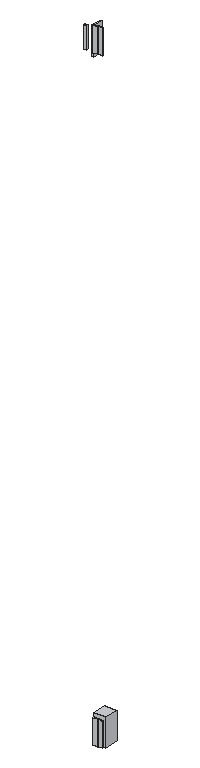
Revit family "МетеорЛифт_Лифт_Пассажирский_МетеорЛифт_EvoNG_LOD100", category Оборудование, Revit 2020 (continued)
Definition of nested family "МетеорЛифт_ДверьШахты_Отсутствует"
  Reference planes
    plane 6: y = 25
    plane 7: y = 130
    plane 8: z = -44
    plane 9: y = -200
  Forms (mm)
    Extrusion 1, solid, not visible
      sketch origin (0, 0, 0) x (0, 1, 0) y (0, 0, 1)
        loop
          line (130, -2) -> (25, -2) -> (25, -44) -> (130, -44) -> (130, -2)
      from -350 to 350
  Dimensions and locks
    equal spacing: plane 4, plane 3 "По центру (Влево/Вправо)", plane 5
    "Ширина дверного проема": plane 4 to plane 5
    locked: plane 2 "По центру (Вверх/Вниз)" to plane 8 at 42
    "tol": plane 1 "По центру (Вперед/Назад)" to plane 6
    locked: plane 6 to plane 7 at 105
    "Толщина стены шахты": plane 9 to plane 1 "По центру (Вперед/Назад)"
    aligned and locked: Extrusion 1 sketch curve to plane 7
    aligned and locked: Extrusion 1 sketch curve to plane 8
    aligned and locked: plane 6 to Extrusion 1 sketch curve
    aligned and locked: plane 2 "По центру (Вверх/Вниз)" to Extrusion 1
    aligned and locked: level to plane 2 "По центру (Вверх/Вниз)"
    aligned and locked: Extrusion 1 to plane 4
    aligned and locked: plane 5 to Extrusion 1
  Automatic sketch dimensions
    level to Extrusion 1 sketch curve = 0 mm
Definition of nested family "МетеорЛифт_ШкафУправления_Отсутствует"
  Parameters (values of type "МетеорЛифт_ШкафУправления_Отсутствует")
    Толщина стены шахты [instance] = 350 mm
    Default Elevation = 0 mm
    Зона обслуживания [instance] = yes
  Reference planes
    plane 1 "Внутренняя стена шахты": y = 0
    plane 2 "Уровень чистого пола": z = 0
    plane 3 "По центру (Влево/Вправо)": x = 0
    plane 4 "Наружняя стена шахты": y = -350
    plane 5 "Фасад шкафа": y = -504.5
    plane 6: y = -505
    plane 7: y = -1255
    plane 8 "Левая стена шкафа": x = -125
    plane 9 "Правая стена шкафа": x = 125
    plane 10: x = -150
    plane 11: x = 350
    plane 12 "Низ шкафа": z = 250
    plane 13 "Верх шкафа": z = 2000
    plane 14: y = -484
  Forms (mm)
    Extrusion 1, solid, not visible
      sketch origin (0, -350, 0) x (1, 0, 0) y (0, 0, 1)
        loop
          line (-150, 2000) -> (-150, 0) -> (350, 0) -> (350, 2000) -> (-150, 2000)
      from 155 to 905
    Extrusion 2, solid, not visible
      sketch origin (0, -350, 0) x (1, 0, 0) y (0, 0, 1)
        loop
          line (-125, 2000) -> (-125, 250) -> (125, 250) -> (125, 2000) -> (-125, 2000)
      from 0 to 154.5
  Lines and regions (mm)
    symbolic lines, not visible
      curve 1: line (-150, -1255, 0) -> (-150, -505, 0)
      curve 2: line (-150, -505, 0) -> (350, -505, 0)
      curve 3: line (350, -505, 0) -> (350, -1255, 0)
      curve 4: line (350, -1255, 0) -> (-150, -1255, 0)
      curve 5: line (-150, -1255, 0) -> (350, -505, 0)
      curve 6: line (350, -1255, 0) -> (-150, -505, 0)
      curve 7: line (-125, -350, 0) -> (125, -350, 0)
      curve 8: line (-125, -504.5, 0) -> (-125, -350, 0)
      curve 9: line (125, -504.5, 0) -> (-125, -504.5, 0)
      curve 10: line (125, -350, 0) -> (125, -504.5, 0)
      curve 12: line (-125, -484, 0) -> (125, -484, 0)
    symbolic lines, not visible, detail levels coarse
      curve 11: line (-125, -484, 0) -> (125, -484, 0)
  Dimensions and locks
    locked: plane 12 "Низ шкафа" to plane 2 "Уровень чистого пола" at 250
    locked: plane 13 "Верх шкафа" to plane 12 "Низ шкафа" at 1750
    "Толщина стены шахты": plane 4 "Наружняя стена шахты" to plane 1 "Внутренняя стена шахты"
    locked: plane 6 to plane 4 "Наружняя стена шахты" at 155
    locked: plane 7 to plane 6 at 750
    locked: plane 8 "Левая стена шкафа" to plane 9 "Правая стена шкафа" at 250
    equal spacing: plane 8 "Левая стена шкафа", plane 3 "По центру (Влево/Вправо)", plane 9 "Правая стена шкафа"
    locked: plane 10 to plane 11 at 500
    plane 10 to plane 3 "По центру (Влево/Вправо)" to plane 11 = 150 mm locked, 350 mm locked
    locked: plane 5 "Фасад шкафа" to plane 4 "Наружняя стена шахты" at 154.5
    locked: plane 14 to plane 4 "Наружняя стена шахты" at 134
    aligned and locked: level to plane 2 "Уровень чистого пола"
    aligned and locked: plane 10 to Extrusion 1 sketch curve
    aligned and locked: plane 2 "Уровень чистого пола" to Extrusion 1 sketch curve
    aligned and locked: Extrusion 1 sketch curve to plane 11
    aligned and locked: Extrusion 2 sketch curve to plane 13 "Верх шкафа"
    aligned and locked: plane 8 "Левая стена шкафа" to Extrusion 2 sketch curve
    aligned and locked: plane 12 "Низ шкафа" to Extrusion 2 sketch curve
    aligned and locked: Extrusion 2 sketch curve to plane 9 "Правая стена шкафа"
    aligned and locked: Extrusion 2 to plane 4 "Наружняя стена шахты"
    aligned and locked: plane 5 "Фасад шкафа" to Extrusion 2
    aligned and locked: plane 4 "Наружняя стена шахты" to curve 7
    aligned and locked: plane 8 "Левая стена шкафа" to curve 8
    aligned and locked: curve 9 to plane 5 "Фасад шкафа"
    aligned and locked: curve 10 to plane 9 "Правая стена шкафа"
    aligned and locked: plane 14 to curve 12
    aligned and locked: plane 13 "Верх шкафа" to Extrusion 1
    aligned and locked: plane 14 to curve 11
    aligned and locked: Extrusion 1 to plane 6
    aligned and locked: plane 7 to Extrusion 1
    aligned and locked: plane 11 to Extrusion 1
    aligned and locked: Extrusion 1 to plane 10
  Automatic sketch dimensions
    Extrusion 1 sketch curve to plane 13 "Верх шкафа" = 0 mm
    plane 7 to curve 1 = 0 mm
    curve 1 to plane 10 = 0 mm
    curve 4 to plane 11 = 0 mm
    plane 6 to curve 2 = 0 mm
Types (6, lengths in mm): name | Смещение проема | Полная мощность лифта | Ось направляющих кабины | Минимальное пространство над кабиной | Значение глубины приямка | Допустимые ширины проема | Штихмасс противовеса | Штихмасс кабины | Ширина шахты фактическая | Ширина проема | Уровень 9 остановки | Уровень 8 остановки | Уровень 7 остановки | Уровень 29 остановки | Уровень 28 остановки | Уровень 27 остановки | Уровень 26 остановки | Уровень 25 остановки | Уровень 24 остановки | Уровень 23 остановки | Уровень 22 остановки | Уровень 21 остановки | Уровень 20 остановки | Уровень 19 остановки | Уровень 18 остановки | Уровень 17 остановки | Уровень 16 остановки | Уровень 15 остановки | Уровень 14 остановки | Уровень 13 остановки | Уровень 12 остановки | Уровень 11 остановки | Уровень 10 остановки | Тип кабины | Пусковой ток | Привязка оси проема к стене шахты со стороны противовеса фактическая | Номинальный ток | Номинальная мощность лифта | Направляющая противовеса | Направляющая кабины | Минимальная ширина шахты | Максимальная ширина шахты | Исполнение этажных аппаратов (выз. посты, ключи) | Доступные смещения проема | Высота рельса противовеса | Высота рельса кабины | Вылет одиночного кронштейна | Вылет П-образного кронштейна | Глубина шахты фактическая | Высота верхней остановки фактическая | v 1.75 | l_hd2min2 | l_hd2min1 | l_hd2min | l_hd1 | hw2_min_door | hw2_min_car | hw2_min | hw2_max | hw1_min_door | hw1_min_car | hw1_min | hw1_max | POWER | OP | NBPAS | IS | IB | HW_MIN | HW_LIM | Ширина шахты | Ширина кабины | Ширина дверного проема | Уровень 6 остановки | Уровень 5 остановки | Уровень 4 остановки | Уровень 3 остановки | Уровень 2 остановки | Смещение дверного проема | HL6_MIN | HL6_LIM | Привязка оси проема к стене шахты со стороны противовеса | Передний вход на нижней остановке | Передний вход на 2 остановке | Ось противовеса | HL7_MIN | Минимальная глубина шахты | Минимальная высота верхней остановки | HW_MAX | Минимальная привязка оси проема к стене шахты со стороны противовеса | Максимальная привязка оси проема к стене шахты со стороны противовеса | HL6_MAX | HL7_MAX | Количество пассажиров | Задний вход на верхней остановке | Грузоподъемность | HD_MIN | HD_LIM | Глубина шахты | Глубина приямка | Глубина кабины | K_LIM | Высота верхней остановки | DOP | DL | CW | CD
  Г/п 450 кг / Кабина 1000х1250 мм (ШхГ) | Смещение : 0 | 4591.84 VA | 625 | 407 | "ОК" | "700; 800" | 780 | 1080 | 1550 | Ширина : 700 | 22000 | 19250 | 16500 | 77000 | 74250 | 71500 | 68750 | 66000 | 63250 | 60500 | 57750 | 55000 | 52250 | 49500 | 46750 | 44000 | 41250 | 38500 | 35750 | 33000 | 30250 | 27500 | 24750 | "06D" | 9.4 A | 870 | 7.2 A | 4500 W | 70 | 82 | 1516 | 2024 | "Объемная панель" | "0*; 75; 100" | 65 | 68 | 72 | 262 | 1600 | 3550 | 1.75 : 1.75 | 675 | 610 | 675 | 892 | 509 | 650 | 665 | 980 | 764 | 836 | 851 | 1044 | 4500 W | 700 | 6 | 9.4 A | 7.2 A | 1516 | 1550 | 1550 | 1000 | 700 | 13750 | 11000 | 8250 | 5500 | 2750 | 0 | 851 | 870 | 870 | yes | yes | 737 | 665 | 1597 | 3507 | 2024 | 851 | 885 | 1044 | 980 | 6 | yes | 450 | 1597 | 1600 | 1600 | 1050 | 1250 | 3550 | 3550 | 0 | 450 | 1000 | 1250
  Г/п 630 кг / Кабина 1100х1400 (ШхГ) | Смещение : 50 | 5816.33 VA | 700 | 407 | "ОК" | "700; 800; 900; 1000" | 900 | 1180 | 1650 | Ширина : 800 | 22000 | 19250 | 16500 | 77000 | 74250 | 71500 | 68750 | 66000 | 63250 | 60500 | 57750 | 55000 | 52250 | 49500 | 46750 | 44000 | 41250 | 38500 | 35750 | 33000 | 30250 | 27500 | 24750 | "08D" | 12 A | 970 | 9 A | 5700 W | 70 | 82 | 1616 | 2124 | "Объемная панель" | "0*; 30; 50" | 65 | 68 | 72 | 262 | 1750 | 3550 | 1.6 : 1.6 | 750 | 670 | 750 | 967 | 609 | 700 | 715 | 1030 | 814 | 886 | 901 | 1094 | 5700 W | 800 | 8 | 12 A | 9 A | 1616 | 1650 | 1650 | 1100 | 800 | 13750 | 11000 | 8250 | 5500 | 3700 | 50 | 951 | 970 | 970 | no | no | 787 | 665 | 1747 | 3507 | 2124 | 951 | 985 | 1144 | 980 | 8 | no | 630 | 1747 | 1750 | 1750 | 1050 | 1400 | 3550 | 3550 | 50 | 630 | 1100 | 1400
  Г/п 1000 кг / Кабина 1100х2100 (ШхГ) | Смещение : 50 | 8163.27 VA | 950 | 407 | "ОК" | "700; 800; 900; 1000" | 1000 | 1180 | 1650 | Ширина : 900 | 22000 | 19250 | 16500 | 77000 | 74250 | 71500 | 68750 | 66000 | 63250 | 60500 | 57750 | 55000 | 52250 | 49500 | 46750 | 44000 | 41250 | 38500 | 35750 | 33000 | 30250 | 27500 | 24750 | "13D" | 17 A | 985 | 13 A | 8000 W | 82 | 89 | 1638 | 2112 | "Плоская панель" | "30; 50*" | 68 | 62 | 63 | 283 | 2450 | 3550 | 1.6 : 1.6 | 1200 | 723 | 1200 | 1217 | 659 | 694 | 709 | 1024 | 914 | 880 | 929 | 1088 | 8000 W | 900 | 13 | 17 A | 13 A | 1638 | 1650 | 1650 | 1100 | 900 | 13750 | 11000 | 8250 | 5500 | 2750 | 50 | 979 | 985 | 985 | yes | yes | 781 | 659 | 2447 | 3507 | 2112 | 979 | 991 | 1138 | 974 | 13 | yes | 1000 | 2447 | 2450 | 2450 | 1050 | 2100 | 3550 | 3550 | 50 | 1000 | 1100 | 2100
  Г/п 1000 кг / Кабина 1600х1400 (ШхГ) | Смещение : 0 | 8163.27 VA | 700 | 407 | "ОК" | "800; 900; 1000" | 1000 | 1680 | 2150 | Ширина : 900 | 19600 | 17150 | 14700 | 68600 | 66150 | 63700 | 61250 | 58800 | 56350 | 53900 | 51450 | 49000 | 46550 | 44100 | 41650 | 39200 | 36750 | 34300 | 31850 | 29400 | 26950 | 24500 | 22050 | "13W" | 17 A | 1170 | 13 A | 8000 W | 82 | 89 | 2104 | 2612 | "Объемная панель" | "0" | 68 | 62 | 78 | 268 | 1750 | 3550 | 1.6 : 1.6 | 750 | 723 | 750 | 967 | 609 | 944 | 959 | 1274 | 964 | 1130 | 1145 | 1338 | 8000 W | 900 | 13 | 17 A | 13 A | 2104 | 2150 | 2150 | 1600 | 900 | 12250 | 9800 | 7350 | 4900 | 2450 | 0 | 1145 | 1170 | 1170 | yes | yes | 1031 | 959 | 1747 | 3507 | 2612 | 1145 | 1191 | 1338 | 1274 | 13 | yes | 1000 | 1747 | 1750 | 1750 | 1050 | 1400 | 3550 | 3550 | 0 | 1000 | 1600 | 1400
  Г/п 1000 кг / Кабина 2100х1100 (ШхГ) | Смещение : 350 | 8163.27 VA | 480 | 467 | "Глубина приямка должна быть в указанном диапазоне" | "1100; 1200" | 900 | 2180 | 2650 | Ширина : 1200 | 22000 | 19250 | 16500 | 77000 | 74250 | 71500 | 68750 | 66000 | 63250 | 60500 | 57750 | 55000 | 52250 | 49500 | 46750 | 44000 | 40250 | 38500 | 35750 | 33000 | 30250 | 27500 | 24750 | "13X" | 17 A | 1770 | 13 A | 8000 W | 82 | 89 | 2604 | 3112 | "Объемная панель" | "200; 250; 350*" | 68 | 62 | 78 | 268 | 1450 | 3600 | 1.6 : 1.6 | 670 | 673 | 673 | 747 | 1109 | 1194 | 1209 | 1524 | 914 | 1380 | 1395 | 1588 | 8000 W | 1200 | 13 | 17 A | 13 A | 2604 | 2650 | 2650 | 2100 | 1200 | 13750 | 11000 | 8250 | 5500 | 2750 | 350 | 1745 | 1770 | 1770 | yes | yes | 1281 | 859 | 1450 | 3567 | 3112 | 1745 | 1791 | 1938 | 1174 | 13 | yes | 1000 | 1450 | 1450 | 1450 | 1020 | 1100 | 3600 | 3600 | 350 | 1000 | 2100 | 1100
  Г/п 400 кг / Кабина 950х1100 мм (ШхГ) | Смещение : 0 | 4591.84 VA | 550 | 407 | "ОК" | "700; 800" | 780 | 1030 | 1500 | Ширина : 700 | 22000 | 19250 | 16500 | 77000 | 74250 | 71500 | 68750 | 66000 | 63250 | 60500 | 57750 | 55000 | 52250 | 49500 | 46750 | 44000 | 41250 | 38500 | 35750 | 33000 | 30250 | 27500 | 24750 | "06D" | 9.4 A | 850 | 7.2 A | 4500 W | 70 | 82 | 1466 | 1974 | "Объемная панель" | "0*; 75; 100" | 65 | 68 | 67 | 267 | 1500 | 3550 | 1.75 : 1.75 | 600 | 610 | 610 | 817 | 509 | 625 | 640 | 955 | 764 | 811 | 826 | 1019 | 4500 W | 700 | 5 | 9.4 A | 7.2 A | 1466 | 1500 | 1500 | 950 | 700 | 13750 | 11000 | 8250 | 5500 | 2750 | 0 | 826 | 850 | 850 | yes | yes | 712 | 640 | 1457 | 3507 | 1974 | 826 | 860 | 1019 | 955 | 5 | yes | 400 | 1457 | 1500 | 1500 | 1050 | 1100 | 3550 | 3550 | 0 | 400 | 950 | 1100
